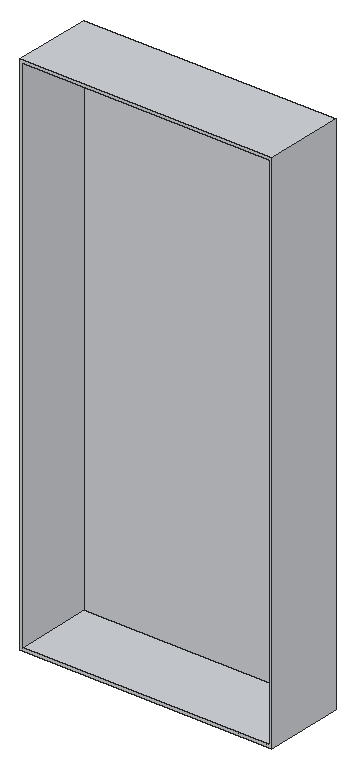
Revit family "Hager-Volta-IP30-Surface_mounted-leer-NoHosted-CH-de", category Electrical Equipment, Revit 2020
Family settings
  Panel Configuration = Two Columns, Circuits Across
  Round Connector Dimension = Use Diameter
  Part Type = Panelboard
  Work Plane-Based = Yes
  Always vertical = Yes
  Cut with Voids When Loaded = No
  Shared = No
  Room Calculation Point = No
Parameters (values of type "Aufputz IP30 B305 H640 T96.5 12 Teilungseinheiten - VA48MD")
  Width Control [instance] = if([HG000006 - Unterputz], if([EF000846 - Einbaubreite] > min_whd, [EF000846 - Einbaubreite], min_whd), if([EF000008 - Breite] > min_whd, ([EF000008 - Breite]), min_whd))  # 305 mm
  Void Depth [instance] = if([EF000218 - Einbautiefe] > 1 mm, [EF000218 - Einbautiefe], 1 mm)  # 1 mm
  Type Comments = [HG000003 - Bereich]  # "Volta"
  System Height [instance] = Height Control - 2 * [HG000005 - Dicke]  # 634 mm
  Panel Name [instance] = ""  # (empty or 0)
  Offset [instance] = 0 mm
  Model = [HG000004 - Herstellerreferenz]  # "VA48MD"
  Level Offset [instance] = [Flush Mounted - Door Frame Width] + Offset  # 0 mm
  HG000017 - Distanz zwischen den Polen = 18 mm
  HG000016 - 3D-Türsichtbarkeit [instance] = yes
  HG000015 - Sichtbarkeit der Türöffnung [instance] = no
  HG000014 - Tür rechts [instance] = yes
  HG000013 - Tür links [instance] = not([HG000014 - Tür rechts])  # no
  HG000012 - Türschwenkwinkel [instance] = 45.00°
  HG000011 - Leere Reihen von unten = no
  HG000010 - Asymmetrische Türen = no
  HG000009 - Doppelflügeligen Tür = no
  HG000008 - Anzahl der leeren Reihen = 0
  HG000007 - Anzahl der leeren Spalten = 0
  HG000006 - Unterputz = no
  HG000005 - Dicke = 3 mm  # constant formula
  HG000004 - Herstellerreferenz = "VA48MD"
  HG000003 - Bereich = "Volta"
  HG000002 - Mit tür = no
  HG000001 - Anzahl der Spalten = 0
  EF015941 - Signaldurchlassende Tür = no
  EF015777 - Neutralleiterklemmenblock = no
  EF015776 - Erdungsklemmenblock = no
  EF009212 - Ausführung Deckel = "EV009916 - mit Ausschnitt"
  EF006306 - Mit Schloss = no
  EF006244 - Transparenter Deckel/Tür = no
  EF005474 - Schutzart (IP) = "EV006410 - IP30"
  EF004462 - Art der Schließung = ""
  EF002950 - Breite in Teilungseinheiten = 12
  EF001596 - Werkstoff des Gehäuses = ""
  EF001134 - DIN-Schiene = no
  EF001131 - Innentiefe = 0 mm
  EF001088 - Anbaumöglichkeit = yes
  EF001062 - EMV-Ausführung = no
  EF000846 - Einbaubreite = 0 mm
  EF000339 - Art der Abdeckung = "EV000494 - ohne"
  EF000332 - Einbauhöhe = 0 mm
  EF000266 - Anzahl der Reihen = 0
  EF000218 - Einbautiefe = 0 mm
  EF000118 - Mit Montageplatte = yes
  EF000116 - RAL-Nummer = "9010"
  EF000049 - Tiefe = 96 mm
  EF000040 - Höhe = 640 mm
  EF000008 - Breite = 305 mm
  EF000007 - Farbe = ""
  EF000003 - Montageart = "EV000384 - Aufputz"
  Description = ""
  Default Elevation = 1219.2 mm
  Arrow Offset [instance] = Depth Control / 8  # 12 mm
  Arrow Height [instance] = Depth Control - Arrow Offset  # 84 mm
  Host Offset [instance] = if([HG000006 - Unterputz], 0 mm, [EF000049 - Tiefe])  # 96 mm
  min_whd [instance] = (2 * [HG000005 - Dicke]) + 1 mm  # 7 mm
  Manufacturer = "Hager"  # constant formula
  Height Control [instance] = if([HG000006 - Unterputz], if([EF000332 - Einbauhöhe] > min_whd, [EF000332 - Einbauhöhe], min_whd), if([EF000040 - Höhe] > min_whd, ([EF000040 - Höhe]), min_whd))  # 640 mm
  Flush Mounted - Door Frame Width [instance] = if(([EF000040 - Höhe] - [EF000332 - Einbauhöhe]) > 0 mm, if([HG000006 - Unterputz], [EF000040 - Höhe] - [EF000332 - Einbauhöhe], 0 mm), 0 mm)  # 0 mm
  Depth Control [instance] = if([HG000006 - Unterputz], if([EF000218 - Einbautiefe] > 0 mm, [EF000218 - Einbautiefe], 1 mm), if([EF000049 - Tiefe] > 0 mm, ([EF000049 - Tiefe]), 1 mm))  # 96 mm
Reference planes
  plane 1 "Center (Front/Back)": y = 0
  plane 2: z = 0
  plane 3 "Center (Left/Right)": x = 0
  plane 4: y = 3
  plane 5: y = 0
  plane 6: y = 0
  plane 7: z = 0
  plane 8: x = -152.5
  plane 9: x = 152.5
  plane 10: x = 149.5
  plane 11: x = -149.5
  plane 12: z = 0
  plane 13: z = 3
  plane 14: y = -91
  plane 15: y = -96
  plane 16: y = -3
  plane 17: z = 637
  plane 18: z = 640
  plane 19: z = 320
  plane 20: x = 0
  plane 21: y = -100
Forms (mm)
  Extrusion 1, solid
    sketch origin (-208.679, -4572, 0) x (-1, 0, 0) y (0, -1, 0)
      loop
        line (-56.179, -4476) -> (-361.179, -4476) -> (-361.179, -4572) -> (-56.179, -4572) -> (-56.179, -4476)
    from 0 to 640 <- "Height Control"
  Extrusion 2, void
    sketch origin (-350.771, -96, 1219.2) x (1, 0, 0) y (0, 0, 1)
      loop
        line (201.271, -582.2) -> (201.271, -1216.2) -> (500.271, -1216.2) -> (500.271, -582.2) -> (201.271, -582.2)
    from 0 to -93
  Extrusion 3, solid, detail levels coarse+medium
    sketch origin (-350.771, -96, 1219.2) x (-1, 0, 0) y (0, 0, 1)
      loop
        line (-201.271, -582.2) -> (-500.271, -582.2) -> (-500.271, -1216.2) -> (-201.271, -1216.2) -> (-201.271, -582.2)
    from 0 to 3 <- "HG000005 - Dicke"
Cuts and joins
  Extrusion 2 cuts Extrusion 1
Dimensions and locks
  "Flush Mounted - Door Frame Width": plane 1 "Center (Front/Back)" to plane 6
  "HG000005 - Dicke": plane 4 to plane 6
  "HG000005 - Dicke": plane 8 to plane 11
  "HG000005 - Dicke": plane 9 to plane 10
  equal spacing: plane 8, plane 3 "Center (Left/Right)", plane 9
  "Width Control": plane 8 to plane 9
  locked: plane 14 to plane 15 at 5
  "Host Offset": plane 1 "Center (Front/Back)" to plane 15
  "Depth Control": plane 5 to plane 15
  "HG000005 - Dicke": plane 5 to plane 16
  "HG000005 - Dicke": plane 13 to plane 12
  "Level Offset": plane 12 to level
  "HG000005 - Dicke": plane 18 to plane 17
  "Height Control": plane 18 to plane 12
  "Arrow Offset": plane 5 to nested 4
  equal spacing: plane 18, plane 19, plane 12
  locked: connector elem to plane 19
  locked: connector elem to plane 3 "Center (Left/Right)"
  aligned and locked: nested 1 to plane 14
  aligned and locked: plane 3 "Center (Left/Right)" to nested 1
  aligned and locked: plane 3 "Center (Left/Right)" to nested 2
  aligned and locked: nested 2 to plane 15
  aligned and locked: plane 5 to Extrusion 1
  aligned and locked: Extrusion 3 sketch curve to plane 17
  aligned and locked: Extrusion 3 sketch curve to plane 11
  aligned and locked: plane 13 to Extrusion 3 sketch curve
  aligned and locked: Extrusion 3 sketch curve to plane 10
  aligned and locked: plane 13 to Extrusion 2 sketch curve
  aligned and locked: Extrusion 2 sketch curve to plane 10
  aligned and locked: Extrusion 2 sketch curve to plane 17
  aligned and locked: Extrusion 2 sketch curve to plane 11
  aligned and locked: plane 16 to Extrusion 2
  aligned and locked: plane 5 to Extrusion 1 sketch curve
  aligned and locked: plane 9 to Extrusion 1 sketch curve
  aligned and locked: plane 8 to Extrusion 1 sketch curve
  aligned and locked: plane 8 to nested 4
  aligned and locked: plane 8 to nested 3
  aligned and locked: nested 3 to plane 5
  aligned and locked: Extrusion 1 sketch curve to plane 15
  aligned and locked: Extrusion 2 to plane 15
Nested families
  nested 1: "Hager_Enclosure_System" at (0, -91, 3), Flush_Mounted <- "HG000006 - Unterputz", Width <- "EF000008 - Breite", Height <- "System Height", Width_Control <- "Width Control", Row_Module_Multiplicator <- "EF002950 - Breite in Teilungseinheiten", Empty_Columns <- "HG000007 - Anzahl der leeren Spalten", Built-in_Width <- "EF000846 - Einbaubreite", Border <- "HG000005 - Dicke", Total_No_Empty_Rows <- "HG000008 - Anzahl der leeren Reihen", Depth <- "HG000005 - Dicke", Empty_Rows_From_Bottom <- "HG000011 - Leere Reihen von unten", Distance_Between_Poles <- "HG000017 - Distanz zwischen den Polen", Rows_Count <- "EF000266 - Anzahl der Reihen", Columns_Count <- "HG000001 - Anzahl der Spalten", type "Hager_Enclosure_System", detail levels medium+fine
    with Width_Control 305 mm, Width 305 mm, Total_No_Rows 0, Total_No_Empty_Rows 0, Total_No_Columns 1, System_Width 299 mm, Rows_Count 0, Rows_Column 0, Row_Module_Multiplicator 12, Panel_4 no, Panel_3 no, Panel_2 no, Panel_1 no, No_Panels_Ctrl 1, Hide_Columns yes, Height 634 mm, Flush_Mounted no, Empty_Rows_From_Bottom no, Empty_Rows_Column 0, Empty_Columns 0, Distance_Between_Poles 18 mm, Depth 3 mm, Columns_Count 0, Column_Width 299 mm, Built-in_Width 0 mm, Border 3 mm
  nested 2: "Hager_Enclosure_Door" at (0, -96, 0), Double <- "HG000009 - Doppelflügeligen Tür", Height_Ctrl <- "Height Control", Transparent <- "EF006244 - Transparenter Deckel/Tür", Depth <- "EF000049 - Tiefe", Height <- "EF000040 - Höhe", Angle <- "HG000012 - Türschwenkwinkel", Door_Right <- "HG000014 - Tür rechts", Assymetrical <- "HG000010 - Asymmetrische Türen", Flush_Mounted <- "HG000006 - Unterputz", BuiltIn_Depth <- "EF000218 - Einbautiefe", BuiltIn_Width <- "EF000846 - Einbaubreite", Door <- "HG000002 - Mit tür", Width_Ctrl <- "Width Control", 3d_Door <- "HG000016 - 3D-Türsichtbarkeit", Width <- "EF000008 - Breite", Border <- "HG000005 - Dicke", BuiltIn_Height <- "EF000332 - Einbauhöhe", Clearance <- "HG000015 - Sichtbarkeit der Türöffnung", Door_Left <- "HG000013 - Tür links", type "Hager_Enclosure_Door", detail levels medium+fine
    with min_wh 7 mm, Width_Ctrl 305 mm, Width 305 mm, Transparent_Door_No_Bottom_Border no, Transparent no, Leaf_Width 296 mm, Leaf_Tolerance 1.5 mm, Leaf_Height 631 mm, Leaf_2_Width 296 mm, Leaf_2_Offset 148 mm, Leaf_1_Width 296 mm, Leaf_1_Offset 148 mm, Height_Ctrl 640 mm, Height 640 mm, Frame_Width_Ctrl 305 mm, Frame_Width 305 mm, Frame_Internal_Offset 0 mm, Frame_Height_Ctrl 640 mm, Frame_Height 640 mm, Frame_Depth_Ctrl 1 mm, Frame_Depth 0 mm, Flush_Mounted no, Double_Clearance_Ctrl no, Double no, Door_Right_Ctrl no, Door_Right yes, Door_Left_Ctrl no, Door_Left no, Door no, Depth 96 mm, Clearance_Depth 296 mm, Clearance_Ctrl no, Clearance no, BuiltIn_Width 0 mm, BuiltIn_Height 0 mm, BuiltIn_Depth 0 mm, Border 3 mm, Assymetrical no, Angle 45.00°, 3d_Door yes
  nested 3: "Hager_Enclosure_Symbol_Triangle" at (-152.5, 0, 0), Depth <- "Depth Control", Width <- "Width Control", type "Hager_Enclosure_Symbol_Triangle"
    with Width_Ctrl 305 mm, Width 305 mm, Depth_Ctrl 96 mm, Depth 96 mm
  nested 4: "Hager_Enclosure_Symbol_Arrow" at (-152.5, -12, 0), Height <- "Arrow Height", type "Hager_Enclosure_Symbol_Arrow"
    with Width_Inside 6.3 mm, Width 75.6 mm, Height_Ctrl 84 mm, Height 84 mm
Connectors
  electrical at (0, 0, 320)
    settings: on plane 5, index 1, voltage 0 V, apparent load 0 VA, apparent load phase1 0 VA, apparent load phase2 0 VA, apparent load phase3 0 VA, power factor 1, load classification "Other", number of poles 1, system type 30, power factor state 1, is connector primary yes, connector utility no, sub classification motor no, connector description ""
Definition of nested family "Hager_Enclosure_Door"
  Parameters (values of type "Hager_Enclosure_Door")
    min_wh [instance] = (2 * Border) + 1 mm  # 11 mm
    Width_Ctrl [instance] = 400 mm
    Width [instance] = 500 mm
    Transparent_Door_No_Bottom_Border [instance] = no
    Transparent [instance] = yes
    Leaf_Width [instance] = if((Width_Ctrl - 2 * Border - 2 * Leaf_Tolerance) > 0 mm, (Width_Ctrl - 2 * Border - 2 * Leaf_Tolerance), min_wh)  # 387 mm
    Leaf_Tolerance [instance] = 1.5 mm  # constant formula
    Leaf_Height [instance] = if((Height_Ctrl - 2 * Border - 2 * Leaf_Tolerance) > 0 mm, (Height_Ctrl - 2 * Border - 2 * Leaf_Tolerance), min_wh)  # 387 mm
    Leaf_2_Width [instance] = if(and(and(Double, Assymetrical), Door_Left), (Leaf_Width / 3) - (Leaf_Tolerance / 2), if(and(and(Double, Assymetrical), Door_Right), (Leaf_Width / 3) * 2 - (Leaf_Tolerance / 2), if(and(Double, not(Assymetrical)), (Leaf_Width / 2) - Leaf_Tolerance, Leaf_Width)))  # 387 mm
    Leaf_2_Offset [instance] = if(and(Double, Assymetrical), Leaf_2_Width / 2, if(and(Double, not(Assymetrical)), Leaf_Width / 4, Leaf_Width / 2))  # 193.5 mm
    Leaf_1_Width [instance] = if(and(and(Double, Assymetrical), Door_Right), (Leaf_Width / 3) - (Leaf_Tolerance / 2), if(and(and(Double, Assymetrical), Door_Left), (Width / 3) * 2 - (Leaf_Tolerance / 2), if(and(Double, not(Assymetrical)), (Leaf_Width / 2) - Leaf_Tolerance, Leaf_Width)))  # 387 mm
    Leaf_1_Offset [instance] = if(and(Double, Assymetrical), Leaf_1_Width / 2, if(and(Double, not(Assymetrical)), Leaf_Width / 4, Leaf_Width / 2))  # 193.5 mm
    Height_Ctrl [instance] = 400 mm
    Height [instance] = 500 mm
    Frame_Width_Ctrl [instance] = if(Frame_Width > 0 mm, Frame_Width, 1 mm)  # 1 mm
    Frame_Width [instance] = Width - BuiltIn_Width  # 0 mm
    Frame_Internal_Offset [instance] = if(Flush_Mounted, Border, 0 mm)  # 5 mm
    Frame_Height_Ctrl [instance] = if(Frame_Height > 0 mm, Frame_Height, 1 mm)  # 1 mm
    Frame_Height [instance] = Height - BuiltIn_Height  # 0 mm
    Frame_Depth_Ctrl [instance] = if(Frame_Depth > 0 mm, Frame_Depth, 1 mm)  # 1 mm
    Frame_Depth [instance] = if(Depth - BuiltIn_Depth > 0 mm, if(Flush_Mounted, Depth - BuiltIn_Depth, 0 mm), 0 mm)  # 0 mm
    Flush_Mounted [instance] = yes
    Double_Clearance_Ctrl [instance] = and(Double, Clearance)  # no
    Double [instance] = no
    Door_Right_Ctrl [instance] = and(or(Door_Right, Double), Door)  # yes
    Door_Right [instance] = yes
    Door_Left_Ctrl [instance] = and(or(Door_Left, Double), Door)  # no
    Door_Left [instance] = no
    Door [instance] = yes
    Depth [instance] = 500 mm
    Default Elevation = 1219.2 mm
    Clearance_Material = none
    Clearance_Depth [instance] = if(Leaf_1_Width > Leaf_2_Width, Leaf_1_Width, Leaf_2_Width)  # 387 mm
    Clearance_Ctrl [instance] = and(not(Double), Clearance)  # yes
    Clearance [instance] = yes
    BuiltIn_Width [instance] = 500 mm
    BuiltIn_Height [instance] = 500 mm
    BuiltIn_Depth [instance] = 500 mm
    Border [instance] = 5 mm
    Assymetrical [instance] = yes
    Angle [instance] = 30.00°
    3d_Door [instance] = yes
  Reference planes
    plane 1 "Center (Front/Back)": y = 0
    plane 2 "Bottom": z = 0
    plane 3 "Center (Left/Right)": x = 0
    plane 4: z = 400
    plane 5: x = -200
    plane 6: x = 200
    plane 7: z = 395
    plane 8: x = -195
    plane 9: z = 5
    plane 10: x = 195
    plane 11: y = 0
    plane 12: z = 6.5
    plane 13: x = -582
    plane 14: y = -387
    plane 15: x = 582
    plane 16: x = 0
    plane 17: x = 0
    plane 18: x = -193.5
    plane 19: x = 193.5
    plane 20: z = 393.5
  Forms (mm)
    Extrusion 1, solid, visible <- "Flush_Mounted"
      sketch origin (0, 0, 0) x (1, 0, 0) y (0, 0, 1)
        loop
          line (195, 5) -> (195, 395) -> (-195, 395) -> (-195, 5) -> (195, 5)
        loop
          line (-201, 401) -> (-201, -1) -> (201, -1) -> (201, 401) -> (-201, 401)
      from 0 to 1 <- "Frame_Depth_Ctrl"
    Extrusion 2, solid, material <- "Clearance_Material", visible <- "Double_Clearance_Ctrl"
      sketch origin (1200, 0, 0) x (1, 0, 0) y (0, 0, -1)
        loop
          line (-1782, -393.5) -> (-618, -393.5) -> (-618, 0) -> (-1782, 0) -> (-1782, -393.5)
      from 0 to -387
  Dimensions and locks
    equal spacing: plane 5, plane 3 "Center (Left/Right)", plane 6
    "Width_Ctrl": plane 5 to plane 6
    "Border": plane 5 to plane 8
    "Border": plane 6 to plane 10
    "Border": plane 9 to level
    "Border": plane 4 to plane 7
    "Height_Ctrl": plane 4 to level
    "Leaf_Tolerance": plane 12 to plane 9
    "Frame_Depth": plane 11 to plane 1 "Center (Front/Back)"
    "Frame_Width_Ctrl": plane 5 to Extrusion 1 sketch curve
    "Frame_Width_Ctrl": plane 6 to Extrusion 1 sketch curve
    "Frame_Width_Ctrl": Extrusion 1 sketch curve to plane 4
    "Frame_Width_Ctrl": plane 2 "Bottom" to Extrusion 1 sketch curve
    "Leaf_1_Offset": plane 18 to plane 16
    "Leaf_2_Offset": plane 17 to plane 19
    "Leaf_1_Width": plane 13 to plane 8
    "Leaf_2_Width": plane 10 to plane 15
    "Clearance_Depth": plane 14 to plane 1 "Center (Front/Back)"
    "Leaf_Tolerance": plane 8 to plane 18
    "Leaf_Tolerance": plane 19 to plane 10
    "Leaf_Tolerance": plane 7 to plane 20
    "Frame_Internal_Offset": plane 5 to Extrusion 1 sketch curve
    "Frame_Internal_Offset": Extrusion 1 sketch curve to plane 2 "Bottom"
    "Frame_Internal_Offset": plane 6 to Extrusion 1 sketch curve
    "Frame_Internal_Offset": plane 4 to Extrusion 1 sketch curve
    aligned and locked: level to plane 2 "Bottom"
    aligned and locked: nested 1 to plane 16
    aligned and locked: nested 2 to plane 17
    aligned and locked: Extrusion 2 to plane 13
    aligned and locked: plane 15 to Extrusion 2
    aligned and locked: Extrusion 2 to plane 14
    aligned and locked: plane 12 to nested 1
    aligned and locked: nested 2 to plane 12
    aligned and locked: Extrusion 2 to plane 11
    aligned and locked: plane 20 to Extrusion 2
    aligned and locked: nested 2 to plane 11
    aligned and locked: nested 1 to plane 11
  Automatic sketch dimensions
    Extrusion 2 sketch curve to level = 0 mm
    plane 5 to Extrusion 2 sketch curve = 382 mm
    plane 6 to Extrusion 2 sketch curve = 382 mm
    Extrusion 2 sketch curve to plane 4 = 6.5 mm
  Nested families
    nested 1: "Hager_Enclosure_Door_Leaf" at (0, 0, 6.5), Width <- "Leaf_1_Width", visible <- "Door_Left_Ctrl", Leaf_Height <- "Leaf_Height", Angle <- "Angle", Depth <- "Border", 3d_Door <- "3d_Door", Transparent <- "Transparent", Clearance Material <- "Clearance_Material", Clearance <- "Clearance_Ctrl", Transparent_Door_No_Bottom_Border <- "Transparent_Door_No_Bottom_Border", type "Hager_Enclosure_Door_Leaf"
      with Width 387 mm, Transparent_Door_No_Bottom_Border no, Transparent_Door_Border_Bottom_Top 25 mm, Transparent_Door_Border 25 mm, Transparent_Ctrl yes, Transparent yes, Standard no, Leaf_Height 387 mm, Glass_Offset 1 mm, Depth 5 mm, Clearance Material none, Clearance yes, Angle_Ctrl 30.00°, Angle 30.00°, 3d_Door yes
    nested 2: "Hager_Enclosure_Door_Leaf" at (0, 0, 6.5) x (-1, 0, 0) z (0, 0, 1), Width <- "Leaf_2_Width", visible <- "Door_Right_Ctrl", Leaf_Height <- "Leaf_Height", Angle <- "Angle", Depth <- "Border", 3d_Door <- "3d_Door", Transparent <- "Transparent", Clearance Material <- "Clearance_Material", Clearance <- "Clearance_Ctrl", Transparent_Door_No_Bottom_Border <- "Transparent_Door_No_Bottom_Border", type "Hager_Enclosure_Door_Leaf"
      with Width 387 mm, Transparent_Door_No_Bottom_Border no, Transparent_Door_Border_Bottom_Top 25 mm, Transparent_Door_Border 25 mm, Transparent_Ctrl yes, Transparent yes, Standard no, Leaf_Height 387 mm, Glass_Offset 1 mm, Depth 5 mm, Clearance Material none, Clearance yes, Angle_Ctrl 30.00°, Angle 30.00°, 3d_Door yes
  Definition of nested family "Hager_Enclosure_Door_Leaf"
    Parameters (values of type "Hager_Enclosure_Door_Leaf")
      Width [instance] = 2000 mm
      Transparent_Door_No_Bottom_Border [instance] = yes
      Transparent_Door_Border_Bottom_Top [instance] = if(Transparent_Door_No_Bottom_Border, 0.1 mm, Transparent_Door_Border)  # 0.1 mm
      Transparent_Door_Border [instance] = if(Transparent_Door_No_Bottom_Border, (Width * 0.12), 25 mm)  # 240 mm
      Transparent_Ctrl [instance] = and(Transparent, [3d_Door])  # yes
      Transparent [instance] = yes
      Standard [instance] = and(not(Transparent), [3d_Door])  # no
      Leaf_Height [instance] = 2720.336 mm
      Glass_Offset [instance] = if((Depth - 10 mm) / 2 > 0 mm, (Depth - 10 mm) / 2, 1 mm)  # 15 mm
      Glass_Material = none
      Depth [instance] = 40 mm
      Default Elevation = 0 mm
      Clearance Material [instance] = none
      Clearance [instance] = yes
      Angle_Ctrl [instance] = if(Angle > 170.00°, 170.00°, Angle)  # 45.00°
      Angle [instance] = 45.00°
      3d_Door [instance] = yes
    Reference planes
      plane 1 "Center (Front/Back)": y = 0
      plane 2: z = 0
      plane 3 "Center (Left/Right)": x = 0
      plane 4: y = 2000
      plane 5: x = -1000
      plane 6: x = 1000
      plane 7: x = -3000
      plane 8: z = 2720.336
      plane 9: z = 0.1
      plane 10: z = 2720.236
      plane 11: x = 760
      plane 12: x = -760
    Forms (mm)
      Extrusion 1, solid, material <- "Clearance Material", visible <- "Clearance"
        sketch origin (0, 0, 0) x (1, 0, 0) y (0, 0, 1)
          loop
            line (-3000, 2720.336) -> (-3000, 0) -> (1000, 0) -> (1000, 2720.336) -> (-3000, 2720.336)
        from 0 to -2000
      Extrusion 2, solid, visible <- "Standard", detail levels medium+fine
        sketch origin (-1000, 0, 0) x (0.707107, 0.707107, 0) y (-0.707107, 0.707107, 0)
          loop
            line (0, -40) -> (2000, -40) -> (2000, 0) -> (0, 0) -> (0, -40)
        from 0 to 2720.336 <- "Leaf_Height"
      Extrusion 3, solid, visible <- "Transparent_Ctrl", detail levels medium+fine
        sketch origin (-1000, 0, 0) x (0.707107, 0.707107, 0) y (-0.707107, 0.707107, 0)
          loop
            line (0, -40) -> (2000, -40) -> (2000, 0) -> (0, 0) -> (0, -40)
        from 0 to 2720.336 <- "Leaf_Height"
      Extrusion 4, void, detail levels medium+fine
        sketch origin (-1000, 0, 0) x (-0.707107, 0.707107, 0) y (0.707107, 0.707107, 0)
          loop
            line (0, 240) -> (0, 1760) -> (-40, 1760) -> (-40, 240) -> (0, 240)
        from -2720.236 to -0.1
      Extrusion 5, solid, material <- "Glass_Material", visible <- "Transparent_Ctrl", detail levels medium+fine
        sketch origin (-1000, 0, 0) x (0.707107, 0.707107, 0) y (-0.707107, 0.707107, 0)
          loop
            line (240, -15) -> (240, -25) -> (1760, -25) -> (1760, -15) -> (240, -15)
        from 0.1 to 2720.236
    Cuts and joins
      Extrusion 4 cuts Extrusion 3
    Lines and regions (mm)
      symbolic lines
        curve 1: line (1000, 0, 0) -> (-3000, 0, 0)
        curve 2: arc (1000, 0, 0) -> (-1000, 2000, 0) -> (-3000, 0, 0) r 2000
        curve 4: line (-1000, 0, 0) -> (414.214, 1414.214, 0)
      reference lines
        curve 3: line (-1000, 0, 0) -> (414.214, 1414.214, 0)
      symbolic lines, detail levels medium+fine
        curve 5: line (414.214, 1414.214, 0) -> (442.498, 1385.929, 0)
        curve 6: line (442.498, 1385.929, 0) -> (-971.716, -28.284, 0)
        curve 7: line (-971.716, -28.284, 0) -> (-1000, 0, 0)
        curve 8: line (-1000, 0, 2720.336) -> (1000, 0, 2720.336)
        curve 9: line (-1000, 0, 0) -> (-1000, 0, 2720.336)
        curve 10: line (1000, 0, 0) -> (-1000, 0, 0)
        curve 11: line (1000, 0, 2720.336) -> (1000, 0, 0)
      symbolic lines, visible <- "Transparent_Ctrl", detail levels medium+fine
        curve 12: line (-760, 0, 2720.236) -> (760, 0, 2720.236)
        curve 13: line (-760, 0, 0.1) -> (-760, 0, 2720.236)
        curve 14: line (760, 0, 0.1) -> (-760, 0, 0.1)
        curve 15: line (760, 0, 2720.236) -> (760, 0, 0.1)
    Dimensions and locks
      "Width": plane 1 "Center (Front/Back)" to plane 4
      equal spacing: plane 5, plane 3 "Center (Left/Right)", plane 6
      "Width": plane 5 to plane 6
      "Width": plane 7 to plane 5
      "Leaf_Height": plane 8 to level
      "Depth": curve 6 to curve 3
      "Width": curve 5 to curve 3
      "Width": curve 3 to curve 3
      "Transparent_Door_Border": Extrusion 4 sketch curve to curve 7
      "Transparent_Door_Border": Extrusion 4 sketch curve to curve 5
      "Transparent_Door_Border_Bottom_Top": plane 8 to plane 10
      "Transparent_Door_Border_Bottom_Top": plane 9 to level
      "Glass_Offset": Extrusion 5 sketch curve to curve 4
      "Glass_Offset": Extrusion 5 sketch curve to curve 6
      "Transparent_Door_Border": Extrusion 5 sketch curve to curve 5
      "Transparent_Door_Border": Extrusion 5 sketch curve to curve 7
      "Transparent_Door_Border": plane 12 to plane 5
      "Transparent_Door_Border": plane 6 to plane 11
      "Angle_Ctrl": angle plane 1 "Center (Front/Back)" to curve 3
      aligned and locked: level to plane 2
      aligned and locked: Extrusion 1 to curve 1
      aligned and locked: plane 6 to Extrusion 1
      aligned and locked: Extrusion 1 to plane 1 "Center (Front/Back)"
      aligned and locked: plane 4 to Extrusion 1
      aligned and locked: plane 8 to Extrusion 1
      aligned and locked: curve 4 to curve 3
      aligned and locked: Extrusion 2 sketch curve to curve 7
      aligned and locked: Extrusion 2 sketch curve to curve 6
      aligned and locked: Extrusion 2 sketch curve to curve 5
      aligned and locked: Extrusion 2 sketch curve to curve 3
      aligned and locked: curve 7 to Extrusion 3 sketch curve
      aligned and locked: Extrusion 3 sketch curve to curve 4
      aligned and locked: Extrusion 3 sketch curve to curve 6
      aligned and locked: Extrusion 3 sketch curve to curve 5
      aligned and locked: curve 4 to Extrusion 4 sketch curve
      aligned and locked: curve 6 to Extrusion 4 sketch curve
      aligned and locked: Extrusion 4 to plane 9
      aligned and locked: Extrusion 4 to plane 10
      aligned and locked: Extrusion 5 to plane 9
      aligned and locked: Extrusion 5 to plane 10
      aligned and locked: curve 8 to plane 8
      aligned and locked: plane 5 to curve 9
      aligned and locked: plane 2 to curve 10
      aligned and locked: curve 11 to plane 6
      aligned and locked: plane 10 to curve 12
      aligned and locked: plane 12 to curve 13
      aligned and locked: curve 14 to plane 9
      aligned and locked: plane 11 to curve 15
    Automatic sketch dimensions
      plane 1 "Center (Front/Back)" to curve 2 = 0 mm
      curve 2 to plane 5 = 0 mm
      Extrusion 1 sketch curve to level = 0 mm
      Extrusion 1 sketch curve to plane 7 = 0 mm
      Extrusion 1 sketch curve to plane 6 = 0 mm
      Extrusion 1 sketch curve to plane 8 = 0 mm
      plane 1 "Center (Front/Back)" to curve 3 = 0 mm
      curve 3 to plane 5 = 0 mm
      curve 7 to curve 3 = 0 mm
Definition of nested family "Hager_Enclosure_Symbol_Triangle"
  Parameters (values of type "Hager_Enclosure_Symbol_Triangle")
    Width_Ctrl [instance] = if(Width > 1 mm, Width, 1 mm)  # 498 mm
    Width [instance] = 498 mm
    Depth_Ctrl [instance] = if(Depth > 1 mm, Depth, 1 mm)  # 72 mm
    Depth [instance] = 72 mm
  Reference planes
    plane 1 "Centre (avant/arrière)": y = 0
    plane 2: z = 0
    plane 3 "Centre (gauche/droite)": x = 0
  Lines and regions (mm)
    Filled region 1, type "Solid_Black", in view "Niveau de réf."
      outline origin (0, 0, 0) x (1, 0, 0) y (0, 1, 0)
        loop
          line (0, 0) -> (498, 0) -> (498, 72) -> (0, 0)
    reference lines, in view "Niveau de réf."
      curve 1: line (-206.153, 72, 0) -> (1083.258, 72, 0)
      curve 2: line (498, 405.456, 0) -> (498, -517.619, 0)
  Dimensions and locks
    "Depth_Ctrl": plane 1 "Centre (avant/arrière)" to curve 1
    "Width_Ctrl": plane 3 "Centre (gauche/droite)" to curve 2
    aligned and locked: curve 1 to Filled region 1 sketch curve
    aligned and locked: Filled region 1 sketch curve to plane 1 "Centre (avant/arrière)"
    aligned and locked: curve 2 to Filled region 1 sketch curve
    aligned and locked: plane 3 "Centre (gauche/droite)" to Filled region 1 sketch curve
    aligned and locked: plane 1 "Centre (avant/arrière)" to Filled region 1 sketch curve
  Automatic sketch dimensions
    curve 1 to plane 3 "Centre (gauche/droite)" = 206.153 mm
    curve 2 to curve 1 = 585.258 mm
    plane 1 "Centre (avant/arrière)" to curve 2 = 517.619 mm
    curve 2 to plane 1 "Centre (avant/arrière)" = 405.456 mm
Definition of nested family "Hager_Enclosure_Symbol_Arrow"
  Parameters (values of type "Hager_Enclosure_Symbol_Arrow")
    Width_Inside [instance] = if(Width / 12 > 2 mm, Width / 12, 2 mm)  # 4.987 mm
    Width [instance] = if(Height_Ctrl * 0.9 > 2 mm, Height_Ctrl * 0.9, 2 mm)  # 59.85 mm
    Height_Ctrl [instance] = if(Height > 2 mm, Height, 2 mm)  # 66.5 mm
    Height [instance] = 66.5 mm
  Reference planes
    plane 1 "Centre (avant/arrière)": y = 0
    plane 2: z = 0
    plane 3 "Centre (gauche/droite)": x = 0
    plane 4: x = 59.85
    plane 5: y = 28.263
    plane 6: y = 38.238
    plane 7: y = 66.5
    plane 8: x = 29.925
    plane 9: y = 33.25
  Lines and regions (mm)
    Filled region 1, type "Solid_Black", in view "Niveau de réf."
      outline origin (0, 0, 0) x (1, 0, 0) y (0, 1, 0)
        loop
          line (59.85, 66.5) -> (37.929, 52.827) -> (51.846, 41.935) -> (59.85, 66.5)
    detail lines, in view "Niveau de réf."
      curve 1: line (0, 0, 0) -> (29.925, 38.238, 0)
      curve 2: line (29.925, 38.238, 0) -> (29.925, 28.263, 0)
      curve 3: line (29.925, 28.263, 0) -> (59.85, 66.5, 0)
  Dimensions and locks
    "Width": plane 3 "Centre (gauche/droite)" to plane 4
    "Height_Ctrl": plane 7 to plane 1 "Centre (avant/arrière)"
    equal spacing: plane 3 "Centre (gauche/droite)", plane 8, plane 4
    equal spacing: plane 7, plane 9, plane 1 "Centre (avant/arrière)"
    equal spacing: plane 6, plane 9, plane 5
    "Width_Inside": plane 6 to plane 9
    equal spacing: curve 3, Filled region 1 sketch curve, Filled region 1 sketch curve
    angle Filled region 1 sketch curve to curve 3 = 20.00°
    angle curve 3 to Filled region 1 sketch curve = 20.00°
    locked: curve 3 to Filled region 1 sketch curve (angle 90.00°)
  Automatic sketch dimensions
    plane 1 "Centre (avant/arrière)" to curve 1 = 0 mm
    curve 1 to plane 3 "Centre (gauche/droite)" = 0 mm
    curve 2 to plane 6 = 0 mm
    curve 3 to plane 8 = 0 mm
    curve 3 to plane 4 = 0 mm
    curve 2 to plane 5 = 0 mm
    curve 3 to plane 7 = 0 mm
    Filled region 1 sketch curve to plane 4 = 0 mm
    Filled region 1 sketch curve to plane 7 = 0 mm
